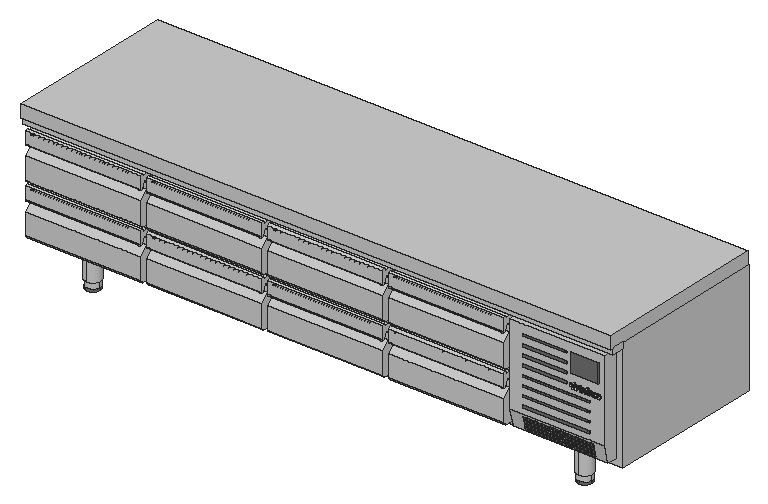
Revit family "QF_INFRICO_MSG2400_250814085953", category Specialty Equipment, Revit 2021
Family settings
  Round Connector Dimension = Use Diameter
  Part Type = Normal
  OmniClass Number = 23.40.40.14
  OmniClass Title = Food Service Equipment
  Work Plane-Based = No
  Always vertical = Yes
  Cut with Voids When Loaded = No
  Shared = No
  Room Calculation Point = No
Parameters (values of type "MSG2400-R290")
  Weight [instance] = 238.00 kg
  Waste Water Discharge Temperature [instance] = 0 °C
  Waste Remarks [instance] = ""
  Warranty Start Date [instance] = ""
  Warranty Duration [instance] = ""
  Volts [instance] = 230 V
  Volt Free Conn [instance] = no
  URL Recommended Spares List [instance] = ""
  URL Manufacturer [instance] = ""
  URL Cutsheet [instance] = ""
  URL Critical Spares List [instance] = ""
  URL = "www.infrico.com"
  Technical Documentation [instance] = ""
  Tag Number [instance] = ""
  Status [instance] = ""
  Start Up Current [instance] = 0 A
  Specification by User [instance] = ""
  Specification by Manufacturer [instance] = ""
  Sound Level [instance] = ""
  Show Logo [instance] = yes
  Show Clearances [instance] = yes
  Service Life Duration [instance] = ""
  Serial Number [instance] = ""
  Seismic Rating [instance] = ""
  SMACNA No [instance] = ""
  Revision Code [instance] = ""
  Revision [instance] = ""
  Production Year [instance] = ""
  Potential Equalisation [instance] = no
  Point Load [instance] = 0
  Plumbing Connection Type [instance] = ""
  Phase [instance] = 1
  Other Equipment Approvals [instance] = ""
  Operational Current [instance] = 0 A
  Number of Poles [instance] = 2
  No Load Power Draw [instance] = no
  NAFEM Spec ID Number [instance] = ""
  Model Warning [instance] = ""
  Model = "MSG2400"
  Min Ckt Ampacity [instance] = 0 A
  Max Overcurrent Protection [instance] = 0 A
  Masterspec [instance] = ""
  Manufacturer = "INFRICO"
  Main switch integrated [instance] = no
  Length Actual [instance] = 2400.046 mm
  Item Number [instance] = ""
  Installed By [instance] = ""
  Installation Date [instance] = ""
  Indirect Waste Size [instance] = 19.05 mm
  Indirect Waste Remarks [instance] = ""
  Indirect Waste Flow [instance] = 0.0 L/s
  Indirect Waste Connection Type [instance] = ""
  Indirect Waste Connection Height [instance] = 0 mm
  Identify Quantity as Lot [instance] = no
  ID [instance] = ""
  Hygiene Approval [instance] = ""
  Height Actual [instance] = 599.948 mm
  HP power [instance] = ""
  Furnished By [instance] = ""
  Foodservice Equipment Identifier [instance] = no
  FL Amps [instance] = 0 A
  Electrical Remarks [instance] = ""
  Electric power [instance] = 360 W
  Electric Connection Type [instance] = ""
  Elec Conn RI Height [instance] = 0 mm
  Elec Conn Connection Height [instance] = 0 mm
  ETL Approved [instance] = no
  Direct Waste Water Discharge Temperature [instance] = -273.15 °C
  Direct Waste Size [instance] = 19.05 mm
  Direct Waste RI Height [instance] = 0 mm
  Direct Waste Flow [instance] = 0.0 L/s
  Direct Waste Connection Height [instance] = 0 mm
  Description = "GN1/1 COUNTER BASES REFRIGERATOR 700 SNACK SERIES - R290"
  Depth Actual [instance] = 700.024 mm
  Default Elevation = 0 mm
  Cycle [instance] = 50 Hz
  Cost = 0
  Connection to energy optimisation system [instance] = yes
  Conn Plug [instance] = ""
  Conn Conduit [instance] = no
  Centralized building control system with digital interface [instance] = ""
  CSI MasterFormat [instance] = ""
  CE Approved [instance] = no
  Barcode [instance] = 0
  Author [instance] = ""
  Asset Identifier [instance] = ""
  Apparent Power [instance] = 360 VA
  Accessory [instance] = no
Reference planes
  plane 1 "Center (Front/Back)": y = 0
  plane 2: z = 0
  plane 3 "Center (Left/Right)": x = 0
Forms (mm)
  Extrusion 1, solid, not visible
    sketch origin (992.048, -112.005, 142.007) x (1, 0, 0) y (0, 1, 0)
      loop
        line (-2, 2) -> (-2, -2) -> (2, -2) -> (2, 2) -> (-2, 2)
    from -2 to 2
  Extrusion 2, solid, not visible
    sketch origin (2339.114, -60.003, 142.007) x (1, 0, 0) y (0, 1, 0)
      loop
        line (-2, 2) -> (-2, -2) -> (2, -2) -> (2, 2) -> (-2, 2)
    from -2 to 2
Dimensions and locks
  locked: nested 2 to Extrusion 1 at 2  (x2)
  locked: nested 3 to Extrusion 2 at 2  (x2)
  aligned and locked: level to plane 2
Nested families
  nested 1: "QF_INFRICO_MSG2400_2920" at (0, 0, 0), type "MSG2400-R290"
    with Weight 238.00 kg, Warranty Start Date "", Warranty Duration "", URL Cutsheet "", Technical Documentation "", Tag Number "", Status "", Specification by User "", Specification by Manufacturer "", Sound Level "", Solid Fuel Type "", Show Logo yes, Show Clearances yes, Show Clearance yes, Service Life Duration "", Serial Number "", Seismic Rating "", SMACNA No "", Revision Code "", Revision "", Production Year "", Point Load 0, Other Equipment Approvals "", NAFEM Spec ID Number "", Model Warning "", Masterspec "", Length Actual 2400.046 mm, Item Number "", Installed By "", Installation Date "", Identify Quantity as Lot yes, ID "", Hygiene Approval "", Height Actual 599.948 mm, Furnished By "", Foodservice Equipment Identifier yes, ETL Approved yes, Depth Actual 700.024 mm, CSI MasterFormat "", CE Approved no, Barcode "", Author "", Asset Identifier "", Accessory no
  nested 2: "CONN_POINT_DRAIN_2D___Generic_Annotation" at (992.048, -112.005, 140.007), type "CONN_POINT_DRAIN_2D___Generic_Annotation"
    with Onboard connection annotation symbol visibility yes
  nested 3: "CONN_POINT_ELE_2D___Generic_Annotation" at (2339.114, -60.003, 140.007), type "CONN_POINT_ELE_2D___Generic_Annotation"
    with Onboard connection annotation symbol visibility yes
  nested 4: "QF_INFRICO_JCAJ17MSG1-2_4838" at (22, -638, 168), type "JCAJ17SN12"
    with Weight 0.00 kg, Warranty Start Date "", Warranty Duration "", URL Cutsheet "", Technical Documentation "", Tag Number "", Status "", Specification by User "", Specification by Manufacturer "", Sound Level "", Solid Fuel Type "", Show Logo yes, Show Clearances yes, Show Clearance yes, Service Life Duration "", Serial Number "", Seismic Rating "", SMACNA No "", Revision Code "", Revision "", Production Year "", Point Load 0, Other Equipment Approvals "", NAFEM Spec ID Number "", Model Warning "", Masterspec "", Length Actual 467.106 mm, Item Number "", Installed By "", Installation Date "", Identify Quantity as Lot yes, ID "", Hygiene Approval "", Height Actual 398.018 mm, Furnished By "", Foodservice Equipment Identifier yes, ETL Approved yes, Depth Actual 59.944 mm, CSI MasterFormat "", CE Approved no, Barcode "", Author "", Asset Identifier "", Accessory yes
  nested 5: "QF_INFRICO_JCAJ17MSG1-2_5667" at (514, -638, 168), type "JCAJ17SN12"
    with Weight 0.00 kg, Warranty Start Date "", Warranty Duration "", URL Cutsheet "", Technical Documentation "", Tag Number "", Status "", Specification by User "", Specification by Manufacturer "", Sound Level "", Solid Fuel Type "", Show Logo yes, Show Clearances yes, Show Clearance yes, Service Life Duration "", Serial Number "", Seismic Rating "", SMACNA No "", Revision Code "", Revision "", Production Year "", Point Load 0, Other Equipment Approvals "", NAFEM Spec ID Number "", Model Warning "", Masterspec "", Length Actual 467.106 mm, Item Number "", Installed By "", Installation Date "", Identify Quantity as Lot yes, ID "", Hygiene Approval "", Height Actual 398.018 mm, Furnished By "", Foodservice Equipment Identifier yes, ETL Approved yes, Depth Actual 59.944 mm, CSI MasterFormat "", CE Approved no, Barcode "", Author "", Asset Identifier "", Accessory yes
  nested 6: "QF_INFRICO_JCAJ17MSG1-2_6492" at (1006, -638, 168), type "JCAJ17SN12"
    with Weight 0.00 kg, Warranty Start Date "", Warranty Duration "", URL Cutsheet "", Technical Documentation "", Tag Number "", Status "", Specification by User "", Specification by Manufacturer "", Sound Level "", Solid Fuel Type "", Show Logo yes, Show Clearances yes, Show Clearance yes, Service Life Duration "", Serial Number "", Seismic Rating "", SMACNA No "", Revision Code "", Revision "", Production Year "", Point Load 0, Other Equipment Approvals "", NAFEM Spec ID Number "", Model Warning "", Masterspec "", Length Actual 467.106 mm, Item Number "", Installed By "", Installation Date "", Identify Quantity as Lot yes, ID "", Hygiene Approval "", Height Actual 398.018 mm, Furnished By "", Foodservice Equipment Identifier yes, ETL Approved yes, Depth Actual 59.944 mm, CSI MasterFormat "", CE Approved no, Barcode "", Author "", Asset Identifier "", Accessory yes
  nested 7: "QF_INFRICO_JCAJ17MSG1-2_7317" at (1498, -638, 168), type "JCAJ17SN12"
    with Weight 0.00 kg, Warranty Start Date "", Warranty Duration "", URL Cutsheet "", Technical Documentation "", Tag Number "", Status "", Specification by User "", Specification by Manufacturer "", Sound Level "", Solid Fuel Type "", Show Logo yes, Show Clearances yes, Show Clearance yes, Service Life Duration "", Serial Number "", Seismic Rating "", SMACNA No "", Revision Code "", Revision "", Production Year "", Point Load 0, Other Equipment Approvals "", NAFEM Spec ID Number "", Model Warning "", Masterspec "", Length Actual 467.106 mm, Item Number "", Installed By "", Installation Date "", Identify Quantity as Lot yes, ID "", Hygiene Approval "", Height Actual 398.018 mm, Furnished By "", Foodservice Equipment Identifier yes, ETL Approved yes, Depth Actual 59.944 mm, CSI MasterFormat "", CE Approved no, Barcode "", Author "", Asset Identifier "", Accessory yes
  nested 8: "QF_INFRICO_WORKTOP_8142" at (0, 0, 600), type "ENC12SPMS24"
    with Weight 0.00 kg, Warranty Start Date "", Warranty Duration "", URL Cutsheet "", Technical Documentation "", Tag Number "", Status "", Specification by User "", Specification by Manufacturer "", Sound Level "", Solid Fuel Type "", Show Logo yes, Show Clearances yes, Show Clearance yes, Service Life Duration "", Serial Number "", Seismic Rating "", SMACNA No "", Revision Code "", Revision "", Production Year "", Point Load 0, Other Equipment Approvals "", NAFEM Spec ID Number "", Model Warning "", Masterspec "", Length Actual 2400.046 mm, Item Number "", Installed By "", Installation Date "", Identify Quantity as Lot yes, ID "", Hygiene Approval "", Height Actual 50.038 mm, Furnished By "", Foodservice Equipment Identifier yes, ETL Approved yes, Depth Actual 700.024 mm, CSI MasterFormat "", CE Approved no, Barcode "", Author "", Asset Identifier "", Accessory yes
Connectors
  piping at (992.048, -112.005, 140.007), diameter 19.05, driven by "Indirect Waste Size", driven by "Direct Waste Flow"
    settings: on Extrusion 1, index 1, connector inside diameter 609.6 mm, connector length 0 mm, flow factor 0, pipe flow 0.0 L/s, pressure drop 0.0 Pa, fitting loss kfactor 0, connector angle 0.00°, fixture units 0, engagement length 0 mm, angle of deflection 0.00°, flow configuration 1, flow direction 2, fitting loss method 0, system type 16, joint type 0, gender type 0, connector reference index -1, connector utility 0, adjustable connector no, is connector primary yes, connector description "Waste connection for MSG2400"
  electrical at (2339.114, -60.003, 140.007), driven by "Apparent Power", driven by "Number of Poles", driven by "Volts"
    settings: on Extrusion 2, index 2, voltage 230 V, apparent load 0 VA, apparent load phase1 360 VA, apparent load phase2 0 VA, apparent load phase3 0 VA, power factor 1, load classification "Other", number of poles 2, system type 31, power factor state 1, is connector primary yes, connector utility no, sub classification motor no, connector description "Electrical connection for MSG2400"
Definition of nested family "QF_INFRICO_MSG2400_2920"
  Parameters (values of type "MSG2400")
    Weight [instance] = 0.00 kg
    Warranty Start Date [instance] = ""
    Warranty Duration [instance] = ""
    URL Cutsheet [instance] = ""
    URL = "www.infrico.com"
    Technical Documentation [instance] = ""
    Tag Number [instance] = ""
    Status [instance] = ""
    Specification by User [instance] = ""
    Specification by Manufacturer [instance] = ""
    Sound Level [instance] = ""
    Solid Fuel Type [instance] = ""
    Show Logo [instance] = yes
    Show Clearances [instance] = yes
    Show Clearance [instance] = yes
    Service Life Duration [instance] = ""
    Serial Number [instance] = ""
    Seismic Rating [instance] = ""
    SMACNA No [instance] = ""
    Revision Code [instance] = ""
    Revision [instance] = ""
    Production Year [instance] = ""
    Point Load [instance] = 0
    Other Equipment Approvals [instance] = ""
    NAFEM Spec ID Number [instance] = ""
    Model Warning [instance] = ""
    Model = "MSG2400"
    Masterspec [instance] = ""
    Manufacturer = "INFRICO"
    Length Actual [instance] = 0 mm
    Item Number [instance] = ""
    Installed By [instance] = ""
    Installation Date [instance] = ""
    Identify Quantity as Lot [instance] = yes
    ID [instance] = ""
    Hygiene Approval [instance] = ""
    Height Actual [instance] = 0 mm
    Furnished By [instance] = ""
    Foodservice Equipment Identifier [instance] = yes
    ETL Approved [instance] = yes
    Description = "GN1/1 COUNTER BASES REFRIGERATOR 700 SNACK SERIES - R134A"
    Depth Actual [instance] = 0 mm
    Default Elevation = 0 mm
    CSI MasterFormat [instance] = ""
    CE Approved [instance] = yes
    Barcode [instance] = ""
    Author [instance] = ""
    Asset Identifier [instance] = ""
    Accessory [instance] = yes
  Types (2, lengths in mm): name | Description
    MSG2400 | "GN1/1 COUNTER BASES REFRIGERATOR 700 SNACK SERIES - R134A"
    MSG2400-R290 | "GN1/1 COUNTER BASES REFRIGERATOR 700 SNACK SERIES - R290"
  Reference planes
    plane 1 "Back": y = 0
    plane 2: z = 0
    plane 3 "Left": x = 0
    plane 4 "Right": x = 2400
    plane 5 "Front": y = -700
    plane 6 "Top": z = 600
  Forms (mm)
    Extrusion 1, void
      sketch origin (0, 0, 0) x (1, 0, 0) y (0, 0, 1)
        loop
          line (60, 200) -> (1850, 200) -> (1850, 540) -> (60, 540) -> (60, 200)
      from 60 to 638.02
    Extrusion 2, solid
      sketch origin (192, 0, 140) x (1, 0, 0) y (0, 1, 0)
        loop
          circle (800, -112) r 9.525
      from -5 to 0
    Extrusion 3, solid
      sketch origin (0, 0, 140) x (1, 0, 0) y (0, 1, 0)
        loop
          line (0, 0) -> (0, -638.02) -> (2400, -638.02) -> (2400, 0) -> (0, 0)
        loop
          line (60, -578.02) -> (2340, -578.02) -> (2340, -60) -> (60, -60) -> (60, -578.02)
      from 0 to 460
    Extrusion 4, solid
      sketch origin (0, 0, 140) x (1, 0, 0) y (0, 0, 1)
        loop
          line (2340, 60) -> (60, 60) -> (60, 0) -> (2340, 0) -> (2340, 60)
      from 60 to 578.02
    Extrusion 5, solid
      sketch origin (-29, 0, 140) x (1, 0, 0) y (0, 1, 0)
        loop
          line (454, -638.02) -> (549, -638.02) -> (549, -628.02) -> (454, -628.02) -> (454, -638.02)
      from 60 to 400
    Extrusion 6, solid
      sketch origin (463, 0, 140) x (1, 0, 0) y (0, 1, 0)
        loop
          line (454, -638.02) -> (549, -638.02) -> (549, -628.02) -> (454, -628.02) -> (454, -638.02)
      from 60 to 400
    Extrusion 7, solid
      sketch origin (939.247, 0, 0) x (0, 1, 0) y (0, 0, 1)
        loop
          line (-638.02, 564.738) -> (-695.03, 564.738) -> (-695.03, 238.436) -> (-678.399, 166.4) -> (-638.02, 166.4) -> (-638.02, 564.738)
      from 1048.993 to 1433.993
    Extrusion 8, solid
      sketch origin (-1071.417, -693.13, 0) x (1, 0, 0) y (0, 0, 1)
        loop
          line (3382.657, 269.602) -> (3112.657, 269.602) -> (3112.657, 260.602) -> (3382.657, 260.602) -> (3382.657, 269.602)
        loop
          line (3382.657, 306.602) -> (3112.657, 306.602) -> (3112.657, 297.602) -> (3382.657, 297.602) -> (3382.657, 306.602)
        loop
          line (3382.657, 343.602) -> (3112.657, 343.602) -> (3112.657, 334.602) -> (3382.657, 334.602) -> (3382.657, 343.602)
        loop
          line (3382.657, 380.602) -> (3112.657, 380.602) -> (3112.657, 371.602) -> (3382.657, 371.602) -> (3382.657, 380.602)
        loop
          line (3288.057, 417.602) -> (3112.657, 417.602) -> (3112.657, 408.602) -> (3288.057, 408.602) -> (3288.057, 417.602)
        loop
          line (3288.057, 454.602) -> (3112.657, 454.602) -> (3112.657, 445.602) -> (3288.057, 445.602) -> (3288.057, 454.602)
        loop
          line (3288.057, 491.602) -> (3112.657, 491.602) -> (3112.657, 482.602) -> (3288.057, 482.602) -> (3288.057, 491.602)
        loop
          line (3288.057, 528.602) -> (3112.657, 528.602) -> (3112.657, 519.602) -> (3288.057, 519.602) -> (3288.057, 528.602)
      from 0 to 2
    Extrusion 9, solid
      sketch origin (-1091.654, -638.191, 0.498) x (1, 0, 0) y (0, -0.224951, 0.97437)
        loop
          line (3130.394, 215.974) -> (3130.394, 205.974) -> (3140.394, 205.974) -> (3140.394, 215.974) -> (3130.394, 215.974)
        loop
          line (3130.394, 230.769) -> (3130.394, 220.769) -> (3140.394, 220.769) -> (3140.394, 230.769) -> (3130.394, 230.769)
        loop
          line (3130.394, 186.385) -> (3130.394, 176.385) -> (3140.394, 176.385) -> (3140.394, 186.385) -> (3130.394, 186.385)
        loop
          line (3130.394, 201.179) -> (3130.394, 191.179) -> (3140.394, 191.179) -> (3140.394, 201.179) -> (3130.394, 201.179)
        loop
          line (3145.603, 215.974) -> (3145.603, 205.974) -> (3155.603, 205.974) -> (3155.603, 215.974) -> (3145.603, 215.974)
        loop
          line (3145.603, 230.769) -> (3145.603, 220.769) -> (3155.603, 220.769) -> (3155.603, 230.769) -> (3145.603, 230.769)
        loop
          line (3145.603, 186.385) -> (3145.603, 176.385) -> (3155.603, 176.385) -> (3155.603, 186.385) -> (3145.603, 186.385)
        loop
          line (3145.603, 201.179) -> (3145.603, 191.179) -> (3155.603, 191.179) -> (3155.603, 201.179) -> (3145.603, 201.179)
        loop
          line (3160.811, 215.974) -> (3160.811, 205.974) -> (3170.811, 205.974) -> (3170.811, 215.974) -> (3160.811, 215.974)
        loop
          line (3160.811, 230.769) -> (3160.811, 220.769) -> (3170.811, 220.769) -> (3170.811, 230.769) -> (3160.811, 230.769)
        loop
          line (3160.811, 186.385) -> (3160.811, 176.385) -> (3170.811, 176.385) -> (3170.811, 186.385) -> (3160.811, 186.385)
        loop
          line (3160.811, 201.179) -> (3160.811, 191.179) -> (3170.811, 191.179) -> (3170.811, 201.179) -> (3160.811, 201.179)
        loop
          line (3176.019, 215.974) -> (3176.019, 205.974) -> (3186.019, 205.974) -> (3186.019, 215.974) -> (3176.019, 215.974)
        loop
          line (3176.019, 230.769) -> (3176.019, 220.769) -> (3186.019, 220.769) -> (3186.019, 230.769) -> (3176.019, 230.769)
        loop
          line (3176.019, 186.385) -> (3176.019, 176.385) -> (3186.019, 176.385) -> (3186.019, 186.385) -> (3176.019, 186.385)
        loop
          line (3176.019, 201.179) -> (3176.019, 191.179) -> (3186.019, 191.179) -> (3186.019, 201.179) -> (3176.019, 201.179)
        loop
          line (3191.228, 215.974) -> (3191.228, 205.974) -> (3201.228, 205.974) -> (3201.228, 215.974) -> (3191.228, 215.974)
        loop
          line (3191.228, 230.769) -> (3191.228, 220.769) -> (3201.228, 220.769) -> (3201.228, 230.769) -> (3191.228, 230.769)
        loop
          line (3191.228, 186.385) -> (3191.228, 176.385) -> (3201.228, 176.385) -> (3201.228, 186.385) -> (3191.228, 186.385)
        loop
          line (3191.228, 201.179) -> (3191.228, 191.179) -> (3201.228, 191.179) -> (3201.228, 201.179) -> (3191.228, 201.179)
        loop
          line (3206.436, 215.974) -> (3206.436, 205.974) -> (3216.436, 205.974) -> (3216.436, 215.974) -> (3206.436, 215.974)
        loop
          line (3206.436, 230.769) -> (3206.436, 220.769) -> (3216.436, 220.769) -> (3216.436, 230.769) -> (3206.436, 230.769)
        loop
          line (3206.436, 186.385) -> (3206.436, 176.385) -> (3216.436, 176.385) -> (3216.436, 186.385) -> (3206.436, 186.385)
        loop
          line (3206.436, 201.179) -> (3206.436, 191.179) -> (3216.436, 191.179) -> (3216.436, 201.179) -> (3206.436, 201.179)
        loop
          line (3221.644, 215.974) -> (3221.644, 205.974) -> (3231.644, 205.974) -> (3231.644, 215.974) -> (3221.644, 215.974)
        loop
          line (3221.644, 230.769) -> (3221.644, 220.769) -> (3231.644, 220.769) -> (3231.644, 230.769) -> (3221.644, 230.769)
        loop
          line (3221.644, 186.385) -> (3221.644, 176.385) -> (3231.644, 176.385) -> (3231.644, 186.385) -> (3221.644, 186.385)
        loop
          line (3221.644, 201.179) -> (3221.644, 191.179) -> (3231.644, 191.179) -> (3231.644, 201.179) -> (3221.644, 201.179)
        loop
          line (3236.853, 215.974) -> (3236.853, 205.974) -> (3246.853, 205.974) -> (3246.853, 215.974) -> (3236.853, 215.974)
        loop
          line (3236.853, 230.769) -> (3236.853, 220.769) -> (3246.853, 220.769) -> (3246.853, 230.769) -> (3236.853, 230.769)
        loop
          line (3236.853, 186.385) -> (3236.853, 176.385) -> (3246.853, 176.385) -> (3246.853, 186.385) -> (3236.853, 186.385)
        loop
          line (3236.853, 201.179) -> (3236.853, 191.179) -> (3246.853, 191.179) -> (3246.853, 201.179) -> (3236.853, 201.179)
        loop
          line (3252.061, 215.974) -> (3252.061, 205.974) -> (3262.061, 205.974) -> (3262.061, 215.974) -> (3252.061, 215.974)
        loop
          line (3252.061, 230.769) -> (3252.061, 220.769) -> (3262.061, 220.769) -> (3262.061, 230.769) -> (3252.061, 230.769)
        loop
          line (3252.061, 186.385) -> (3252.061, 176.385) -> (3262.061, 176.385) -> (3262.061, 186.385) -> (3252.061, 186.385)
        loop
          line (3252.061, 201.179) -> (3252.061, 191.179) -> (3262.061, 191.179) -> (3262.061, 201.179) -> (3252.061, 201.179)
        loop
          line (3267.269, 215.974) -> (3267.269, 205.974) -> (3277.269, 205.974) -> (3277.269, 215.974) -> (3267.269, 215.974)
        loop
          line (3267.269, 230.769) -> (3267.269, 220.769) -> (3277.269, 220.769) -> (3277.269, 230.769) -> (3267.269, 230.769)
        loop
          line (3267.269, 186.385) -> (3267.269, 176.385) -> (3277.269, 176.385) -> (3277.269, 186.385) -> (3267.269, 186.385)
        loop
          line (3267.269, 201.179) -> (3267.269, 191.179) -> (3277.269, 191.179) -> (3277.269, 201.179) -> (3267.269, 201.179)
        loop
          line (3282.478, 215.974) -> (3282.478, 205.974) -> (3292.478, 205.974) -> (3292.478, 215.974) -> (3282.478, 215.974)
        loop
          line (3282.478, 230.769) -> (3282.478, 220.769) -> (3292.478, 220.769) -> (3292.478, 230.769) -> (3282.478, 230.769)
        loop
          line (3282.478, 186.385) -> (3282.478, 176.385) -> (3292.478, 176.385) -> (3292.478, 186.385) -> (3282.478, 186.385)
        loop
          line (3282.478, 201.179) -> (3282.478, 191.179) -> (3292.478, 191.179) -> (3292.478, 201.179) -> (3282.478, 201.179)
        loop
          line (3297.686, 215.974) -> (3297.686, 205.974) -> (3307.686, 205.974) -> (3307.686, 215.974) -> (3297.686, 215.974)
        loop
          line (3297.686, 230.769) -> (3297.686, 220.769) -> (3307.686, 220.769) -> (3307.686, 230.769) -> (3297.686, 230.769)
        loop
          line (3297.686, 186.385) -> (3297.686, 176.385) -> (3307.686, 176.385) -> (3307.686, 186.385) -> (3297.686, 186.385)
        loop
          line (3297.686, 201.179) -> (3297.686, 191.179) -> (3307.686, 191.179) -> (3307.686, 201.179) -> (3297.686, 201.179)
        loop
          line (3312.894, 215.974) -> (3312.894, 205.974) -> (3322.894, 205.974) -> (3322.894, 215.974) -> (3312.894, 215.974)
        loop
          line (3312.894, 230.769) -> (3312.894, 220.769) -> (3322.894, 220.769) -> (3322.894, 230.769) -> (3312.894, 230.769)
        loop
          line (3312.894, 186.385) -> (3312.894, 176.385) -> (3322.894, 176.385) -> (3322.894, 186.385) -> (3312.894, 186.385)
        loop
          line (3312.894, 201.179) -> (3312.894, 191.179) -> (3322.894, 191.179) -> (3322.894, 201.179) -> (3312.894, 201.179)
        loop
          line (3328.103, 215.974) -> (3328.103, 205.974) -> (3338.103, 205.974) -> (3338.103, 215.974) -> (3328.103, 215.974)
        loop
          line (3328.103, 230.769) -> (3328.103, 220.769) -> (3338.103, 220.769) -> (3338.103, 230.769) -> (3328.103, 230.769)
        loop
          line (3328.103, 186.385) -> (3328.103, 176.385) -> (3338.103, 176.385) -> (3338.103, 186.385) -> (3328.103, 186.385)
        loop
          line (3328.103, 201.179) -> (3328.103, 191.179) -> (3338.103, 191.179) -> (3338.103, 201.179) -> (3328.103, 201.179)
        loop
          line (3343.311, 215.974) -> (3343.311, 205.974) -> (3353.311, 205.974) -> (3353.311, 215.974) -> (3343.311, 215.974)
        loop
          line (3343.311, 230.769) -> (3343.311, 220.769) -> (3353.311, 220.769) -> (3353.311, 230.769) -> (3343.311, 230.769)
        loop
          line (3343.311, 186.385) -> (3343.311, 176.385) -> (3353.311, 176.385) -> (3353.311, 186.385) -> (3343.311, 186.385)
        loop
          line (3343.311, 201.179) -> (3343.311, 191.179) -> (3353.311, 191.179) -> (3353.311, 201.179) -> (3343.311, 201.179)
        loop
          line (3358.519, 215.974) -> (3358.519, 205.974) -> (3368.519, 205.974) -> (3368.519, 215.974) -> (3358.519, 215.974)
        loop
          line (3358.519, 230.769) -> (3358.519, 220.769) -> (3368.519, 220.769) -> (3368.519, 230.769) -> (3358.519, 230.769)
        loop
          line (3358.519, 186.385) -> (3358.519, 176.385) -> (3368.519, 176.385) -> (3368.519, 186.385) -> (3358.519, 186.385)
        loop
          line (3358.519, 201.179) -> (3358.519, 191.179) -> (3368.519, 191.179) -> (3368.519, 201.179) -> (3358.519, 201.179)
        loop
          line (3373.728, 215.974) -> (3373.728, 205.974) -> (3383.728, 205.974) -> (3383.728, 215.974) -> (3373.728, 215.974)
        loop
          line (3373.728, 230.769) -> (3373.728, 220.769) -> (3383.728, 220.769) -> (3383.728, 230.769) -> (3373.728, 230.769)
        loop
          line (3373.728, 186.385) -> (3373.728, 176.385) -> (3383.728, 176.385) -> (3383.728, 186.385) -> (3373.728, 186.385)
        loop
          line (3373.728, 201.179) -> (3373.728, 191.179) -> (3383.728, 191.179) -> (3383.728, 201.179) -> (3373.728, 201.179)
        loop
          line (3388.936, 215.974) -> (3388.936, 205.974) -> (3398.936, 205.974) -> (3398.936, 215.974) -> (3388.936, 215.974)
        loop
          line (3388.936, 230.769) -> (3388.936, 220.769) -> (3398.936, 220.769) -> (3398.936, 230.769) -> (3388.936, 230.769)
        loop
          line (3388.936, 186.385) -> (3388.936, 176.385) -> (3398.936, 176.385) -> (3398.936, 186.385) -> (3388.936, 186.385)
        loop
          line (3388.936, 201.179) -> (3388.936, 191.179) -> (3398.936, 191.179) -> (3398.936, 201.179) -> (3388.936, 201.179)
        loop
          line (3404.144, 215.974) -> (3404.144, 205.974) -> (3414.144, 205.974) -> (3414.144, 215.974) -> (3404.144, 215.974)
        loop
          line (3404.144, 230.769) -> (3404.144, 220.769) -> (3414.144, 220.769) -> (3414.144, 230.769) -> (3404.144, 230.769)
        loop
          line (3404.144, 186.385) -> (3404.144, 176.385) -> (3414.144, 176.385) -> (3414.144, 186.385) -> (3404.144, 186.385)
        loop
          line (3404.144, 201.179) -> (3404.144, 191.179) -> (3414.144, 191.179) -> (3414.144, 201.179) -> (3404.144, 201.179)
      from 0 to 2
    Extrusion 10, solid, visible <- "Show Logo"
      sketch origin (1067.934, -693.13, -297.58) x (1, 0, 0) y (0, 0, 1)
        loop
          line (1208.799, 696.53) -> (1208.799, 719.204) -> (1204.173, 719.204) -> (1204.173, 696.53) -> (1208.799, 696.53)
        loop
          line (1214.779, 713.006) -> (1211.283, 713.006) -> (1211.283, 696.53) -> (1215.772, 696.53) -> (1215.772, 707.832)
          arc (1215.772, 707.832) -> (1217.528, 708.741) -> (1219.417, 709.324) r 11.052
          arc (1219.417, 709.324) -> (1220.929, 708.961) -> (1221.598, 707.557) r 1.806
          line (1221.598, 707.557) -> (1221.598, 696.53) -> (1226.121, 696.53) -> (1226.121, 708.689)
          arc (1226.121, 708.689) -> (1224.637, 712.075) -> (1221.141, 713.281) r 4.607
          arc (1221.141, 713.281) -> (1218.282, 712.674) -> (1215.669, 711.361) r 11.435
          line (1215.669, 711.361) -> (1215.601, 712.184)
          arc (1215.601, 712.184) -> (1215.36, 712.765) -> (1214.779, 713.006) r 0.822
        loop
          line (1238.557, 720.102) -> (1237.306, 720.102)
          arc (1237.306, 720.102) -> (1235.052, 719.926) -> (1232.881, 719.297) r 11.103
          arc (1232.881, 719.297) -> (1230.805, 717.616) -> (1230.024, 715.062) r 4.567
          line (1230.024, 715.062) -> (1230.024, 712.909) -> (1227.351, 712.703) -> (1227.351, 709.374) -> (1230.024, 709.374) -> (1230.024, 696.53) -> (1234.547, 696.53) -> (1234.547, 709.374) -> (1238.249, 709.374) -> (1238.249, 712.938) -> (1234.547, 712.938) -> (1234.547, 714.548)
          arc (1234.547, 714.548) -> (1234.956, 715.705) -> (1236.045, 716.271) r 1.67
          line (1236.045, 716.271) -> (1237.7, 716.399)
          arc (1237.7, 716.399) -> (1238.306, 716.65) -> (1238.557, 717.255) r 0.857
          line (1238.557, 717.255) -> (1238.557, 720.102)
        loop
          line (1239.479, 713.006) -> (1239.479, 696.53) -> (1243.968, 696.53) -> (1243.968, 707.352)
          arc (1243.968, 707.352) -> (1245.873, 708.631) -> (1248.077, 709.268) r 7.435
          line (1248.077, 709.268) -> (1249.241, 709.416)
          arc (1249.241, 709.416) -> (1249.643, 709.758) -> (1249.793, 710.265) r 0.928
          line (1249.793, 710.265) -> (1249.793, 712.458)
          arc (1249.793, 712.458) -> (1249.531, 713.061) -> (1248.912, 713.28) r 0.824
          arc (1248.912, 713.28) -> (1246.197, 712.588) -> (1243.899, 710.984) r 7.833
          line (1243.899, 710.984) -> (1243.726, 713.006) -> (1239.479, 713.006)
        loop
          line (1255.495, 696.53) -> (1255.495, 713.006) -> (1251.006, 713.006) -> (1251.006, 696.53) -> (1255.495, 696.53)
        loop
          arc (1257.421, 701.327) -> (1258.567, 698.188) -> (1261.466, 696.525) r 4.873
          arc (1261.466, 696.525) -> (1264.493, 696.266) -> (1267.521, 696.525) r 17.816
          arc (1267.521, 696.525) -> (1270.575, 699.134) -> (1271.505, 703.041) r 6.481
          line (1271.505, 703.041) -> (1267.187, 703.041) -> (1267.187, 701.67)
          arc (1267.187, 701.67) -> (1266.64, 700.452) -> (1265.442, 699.865) r 1.965
          arc (1265.442, 699.865) -> (1264.547, 699.816) -> (1263.653, 699.865) r 8.196
          arc (1263.653, 699.865) -> (1262.417, 700.415) -> (1261.91, 701.67) r 1.806
          line (1261.91, 701.67) -> (1261.91, 707.9)
          arc (1261.91, 707.9) -> (1262.417, 709.155) -> (1263.653, 709.705) r 1.806
          arc (1263.653, 709.705) -> (1264.547, 709.754) -> (1265.442, 709.705) r 8.196
          arc (1265.442, 709.705) -> (1266.64, 709.118) -> (1267.187, 707.9) r 1.965
          line (1267.187, 707.9) -> (1267.187, 706.838) -> (1271.505, 706.838)
          arc (1271.505, 706.838) -> (1270.524, 710.556) -> (1267.521, 712.959) r 6.132
          arc (1267.521, 712.959) -> (1264.493, 713.294) -> (1261.466, 712.959) r 13.851
          arc (1261.466, 712.959) -> (1258.571, 711.349) -> (1257.421, 708.243) r 4.772
          line (1257.421, 708.243) -> (1257.421, 701.327)
        loop
          arc (1272.916, 701.329) -> (1273.993, 698.345) -> (1276.726, 696.734) r 4.676
          arc (1276.726, 696.734) -> (1278.515, 696.455) -> (1280.318, 696.291) r 28.371
          arc (1280.318, 696.291) -> (1282.122, 696.455) -> (1283.911, 696.734) r 28.371
          arc (1283.911, 696.734) -> (1286.644, 698.345) -> (1287.72, 701.329) r 4.676
          line (1287.72, 701.329) -> (1287.72, 708.242)
          arc (1287.72, 708.242) -> (1286.644, 711.226) -> (1283.911, 712.837) r 4.676
          arc (1283.911, 712.837) -> (1282.122, 713.116) -> (1280.318, 713.28) r 28.371
          arc (1280.318, 713.28) -> (1278.515, 713.116) -> (1276.726, 712.837) r 28.371
          arc (1276.726, 712.837) -> (1273.993, 711.226) -> (1272.916, 708.242) r 4.676
          line (1272.916, 708.242) -> (1272.916, 701.329)
        loop
          line (1277.405, 707.866) -> (1277.405, 701.705)
          arc (1277.405, 701.705) -> (1277.844, 700.556) -> (1278.936, 699.991) r 1.725
          arc (1278.936, 699.991) -> (1279.627, 699.918) -> (1280.318, 699.856) r 46.133
          arc (1280.318, 699.856) -> (1281.01, 699.918) -> (1281.701, 699.991) r 46.133
          arc (1281.701, 699.991) -> (1282.793, 700.556) -> (1283.231, 701.705) r 1.725
          line (1283.231, 701.705) -> (1283.231, 707.866)
          arc (1283.231, 707.866) -> (1282.793, 709.015) -> (1281.701, 709.58) r 1.725
          arc (1281.701, 709.58) -> (1281.01, 709.653) -> (1280.318, 709.716) r 46.133
          arc (1280.318, 709.716) -> (1279.627, 709.653) -> (1278.936, 709.58) r 46.133
          arc (1278.936, 709.58) -> (1277.844, 709.015) -> (1277.405, 707.866) r 1.725
        loop
          arc (1190.339, 696.543) -> (1191.411, 696.987) -> (1191.856, 698.059) r 1.516
          line (1191.856, 698.059) -> (1191.856, 703.891) -> (1196.035, 703.891)
          arc (1196.035, 703.891) -> (1196.79, 704.121) -> (1197.218, 704.782) r 1.147
          line (1197.218, 704.782) -> (1197.218, 706.211)
          arc (1197.218, 706.211) -> (1196.787, 707.258) -> (1195.719, 707.634) r 1.385
          line (1195.719, 707.634) -> (1194.52, 707.634) -> (1197.218, 710.332)
          arc (1197.218, 710.332) -> (1197.605, 711.266) -> (1197.218, 712.2) r 1.321
          line (1197.218, 712.2) -> (1196.495, 712.923)
          arc (1196.495, 712.923) -> (1195.54, 713.338) -> (1194.558, 712.991) r 1.422
          line (1194.558, 712.991) -> (1191.853, 710.286) -> (1191.853, 711.479)
          arc (1191.853, 711.479) -> (1191.443, 712.516) -> (1190.435, 712.992) r 1.516
          line (1190.435, 712.992) -> (1189.514, 712.992)
          arc (1189.514, 712.992) -> (1188.511, 712.514) -> (1188.103, 711.479) r 1.516
          line (1188.103, 711.479) -> (1188.103, 706.83) -> (1182.073, 701.336) -> (1182.073, 707.509) -> (1185.639, 711.075)
          arc (1185.639, 711.075) -> (1186.053, 712.073) -> (1185.639, 713.071) r 1.412
          line (1185.639, 713.071) -> (1184.987, 713.723)
          arc (1184.987, 713.723) -> (1183.939, 714.141) -> (1182.915, 713.667) r 1.428
          line (1182.915, 713.667) -> (1182.073, 712.825) -> (1182.073, 717.784)
          arc (1182.073, 717.784) -> (1181.658, 718.787) -> (1180.655, 719.203) r 1.418
          line (1180.655, 719.203) -> (1179.726, 719.203)
          arc (1179.726, 719.203) -> (1178.723, 718.787) -> (1178.308, 717.784) r 1.418
          line (1178.308, 717.784) -> (1178.308, 712.825) -> (1177.466, 713.667)
          arc (1177.466, 713.667) -> (1176.442, 714.141) -> (1175.394, 713.723) r 1.428
          line (1175.394, 713.723) -> (1174.742, 713.071)
          arc (1174.742, 713.071) -> (1174.328, 712.073) -> (1174.742, 711.075) r 1.412
          line (1174.742, 711.075) -> (1178.308, 707.509) -> (1178.308, 701.336) -> (1172.278, 706.83) -> (1172.278, 711.479)
          arc (1172.278, 711.479) -> (1171.87, 712.514) -> (1170.867, 712.992) r 1.516
          line (1170.867, 712.992) -> (1169.946, 712.992)
          arc (1169.946, 712.992) -> (1168.938, 712.516) -> (1168.528, 711.479) r 1.516
          line (1168.528, 711.479) -> (1168.528, 710.286) -> (1165.823, 712.991)
          arc (1165.823, 712.991) -> (1164.841, 713.338) -> (1163.886, 712.923) r 1.422
          line (1163.886, 712.923) -> (1163.163, 712.2)
          arc (1163.163, 712.2) -> (1162.776, 711.266) -> (1163.163, 710.332) r 1.321
          line (1163.163, 710.332) -> (1165.861, 707.634) -> (1164.662, 707.634)
          arc (1164.662, 707.634) -> (1163.594, 707.258) -> (1163.163, 706.211) r 1.385
          line (1163.163, 706.211) -> (1163.163, 704.782)
          arc (1163.163, 704.782) -> (1163.591, 704.121) -> (1164.346, 703.891) r 1.147
          line (1164.346, 703.891) -> (1168.525, 703.891) -> (1168.525, 698.059)
          arc (1168.525, 698.059) -> (1168.969, 696.987) -> (1170.042, 696.543) r 1.516
          line (1170.042, 696.543) -> (1190.339, 696.543)
      from 0 to 2
    Extrusion 11, solid
      sketch origin (1067.024, 0, -122.7) x (1, 0, 0) y (0, 0, 1)
        loop
          line (1169.616, 654.3) -> (1169.616, 577.9) -> (1281.216, 577.9) -> (1281.216, 654.3) -> (1169.616, 654.3)
      from 695.03 to 698.23
    Extrusion 12, solid
      sketch origin (1600, 112, 140) x (1, 0, 0) y (0, 1, 0)
        loop
          circle (739, -172) r 12.7
      from -5 to 0
    Extrusion 13, solid
      sketch origin (0, 0, 140) x (0, 1, 0) y (0, 0, 1)
        loop
          line (-638.02, 460) -> (-688.02, 460) -> (-688.02, 435) -> (-638.02, 435) -> (-638.02, 460)
      from 0 to 2400
    Extrusion 14, solid
      sketch origin (0.014, 0, 140) x (0, 1, 0) y (-1, 0, 0)
        loop
          line (-530, -154.986) -> (-630, -154.986) -> (-630, -244.986) -> (-530, -244.986) -> (-530, -154.986)
      from 0 to -3
    Extrusion 15, solid
      sketch origin (0.014, 0, 0) x (1, 0, 0) y (0, 1, 0)
        loop
          circle (199.986, -580) r 28
      from 9 to 35
    Extrusion 16, solid
      sketch origin (0.014, 0, 0) x (1, 0, 0) y (0, 1, 0)
        loop
          circle (199.986, -580) r 28.5
      from 0 to 9
    Sweep 17, solid
      path origin (0.014, 0, 0) x (0, 1, 0) y (0, 0, 1)
        loop
          line (-580, 35) -> (-580, 137)
      profile origin (0.014, -580, 86) x (0, -1, 0) y (1, 0, 0)
        loop
          circle (0, 199.986) r 32
    Extrusion 18, solid
      sketch origin (0.014, 500, 140) x (0, 1, 0) y (-1, 0, 0)
        loop
          line (-530, -154.986) -> (-630, -154.986) -> (-630, -244.986) -> (-530, -244.986) -> (-530, -154.986)
      from 0 to -3
    Extrusion 19, solid
      sketch origin (0.014, 500, 0) x (1, 0, 0) y (0, 1, 0)
        loop
          circle (199.986, -580) r 28
      from 9 to 35
    Extrusion 20, solid
      sketch origin (0.014, 500, 0) x (1, 0, 0) y (0, 1, 0)
        loop
          circle (199.986, -580) r 28.5
      from 0 to 9
    Sweep 21, solid
      path origin (0.014, 500, 0) x (0, 1, 0) y (0, 0, 1)
        loop
          line (-580, 35) -> (-580, 137)
      profile origin (0.014, -80, 86) x (0, -1, 0) y (1, 0, 0)
        loop
          circle (0, 199.986) r 32
    Extrusion 22, solid
      sketch origin (1960.014, 0, 140) x (0, 1, 0) y (-1, 0, 0)
        loop
          line (-530, -194.986) -> (-630, -194.986) -> (-630, -284.986) -> (-530, -284.986) -> (-530, -194.986)
      from 0 to -3
    Extrusion 23, solid
      sketch origin (1960.014, 0, 0) x (1, 0, 0) y (0, 1, 0)
        loop
          circle (239.986, -580) r 28
      from 9 to 35
    Extrusion 24, solid
      sketch origin (1960.014, 0, 0) x (1, 0, 0) y (0, 1, 0)
        loop
          circle (239.986, -580) r 28.5
      from 0 to 9
    Sweep 25, solid
      path origin (2400.014, 0, 0) x (0, -1, 0) y (0, 0, 1)
        loop
          line (580, 35) -> (580, 137)
      profile origin (2400.014, -580, 86) x (0, 1, 0) y (-1, 0, 0)
        loop
          circle (0, 199.986) r 32
    Extrusion 26, solid
      sketch origin (1960.014, 500, 140) x (0, 1, 0) y (-1, 0, 0)
        loop
          line (-530, -194.986) -> (-630, -194.986) -> (-630, -284.986) -> (-530, -284.986) -> (-530, -194.986)
      from 0 to -3
    Extrusion 27, solid
      sketch origin (1960.014, 500, 0) x (1, 0, 0) y (0, 1, 0)
        loop
          circle (239.986, -580) r 28
      from 9 to 35
    Extrusion 28, solid
      sketch origin (1960.014, 500, 0) x (1, 0, 0) y (0, 1, 0)
        loop
          circle (239.986, -580) r 28.5
      from 0 to 9
    Sweep 29, solid
      path origin (2400.014, 0, 0) x (0, -1, 0) y (0, 0, 1)
        loop
          line (80, 35) -> (80, 137)
      profile origin (2400.014, -80, 86) x (0, 1, 0) y (-1, 0, 0)
        loop
          circle (0, 199.986) r 32
    Extrusion 30, solid
      sketch origin (955, 0, 140) x (1, 0, 0) y (0, 1, 0)
        loop
          line (454, -638.02) -> (549, -638.02) -> (549, -628.02) -> (454, -628.02) -> (454, -638.02)
      from 60 to 400
  Cuts and joins
    Extrusion 1 cuts Extrusion 3
    joined: Extrusion 3, Extrusion 4
  Lines and regions (mm)
    symbolic lines
      curve 1: line (0, -700, 0) -> (2400, -700, 0)
      curve 2: line (0, 0, 0) -> (0, -700, 0)
      curve 3: line (2400, 0, 0) -> (0, 0, 0)
      curve 4: line (2400, -700, 0) -> (2400, 0, 0)
  Dimensions and locks
    plane 4 "Right" to plane 3 "Left" = 2400 mm
    plane 6 "Top" to level = 600 mm
    plane 1 "Back" to plane 5 "Front" = 700 mm
    plane 3 "Left" to plane 4 "Right" = 2400 mm
    aligned and locked: level to plane 2
  Connectors
    piping at (992, -112, 135), diameter 19.1
      settings: on Extrusion 2, index 1, connector inside diameter 609.6 mm, connector length 0 mm, flow factor 0, pipe flow 0.0 L/s, pressure drop 0.0 Pa, fitting loss kfactor 0, connector angle 0.00°, fixture units 0, engagement length 0 mm, angle of deflection 0.00°, flow configuration 0, flow direction 2, fitting loss method 0, system type 16, joint type 0, gender type 0, connector reference index -1, connector utility 0, adjustable connector no, is connector primary yes, connector description "Drain connection"
    electrical at (2339, -60, 135)
      settings: on Extrusion 12, index 2, voltage 0 V, apparent load 0 VA, apparent load phase1 0 VA, apparent load phase2 0 VA, apparent load phase3 0 VA, power factor 1, load classification none, number of poles 1, system type 31, power factor state 1, is connector primary yes, connector utility no, sub classification motor no, connector description "Electrical connection"
Definition of nested family "QF_INFRICO_JCAJ17MSG1-2_4838"
  Parameters (values of type "JCAJ17SN12")
    Weight [instance] = 0.00 kg
    Warranty Start Date [instance] = ""
    Warranty Duration [instance] = ""
    URL Cutsheet [instance] = ""
    URL = "www.infrico.com"
    Technical Documentation [instance] = ""
    Tag Number [instance] = ""
    Status [instance] = ""
    Specification by User [instance] = ""
    Specification by Manufacturer [instance] = ""
    Sound Level [instance] = ""
    Solid Fuel Type [instance] = ""
    Show Logo [instance] = yes
    Show Clearances [instance] = yes
    Show Clearance [instance] = yes
    Service Life Duration [instance] = ""
    Serial Number [instance] = ""
    Seismic Rating [instance] = ""
    SMACNA No [instance] = ""
    Revision Code [instance] = ""
    Revision [instance] = ""
    Production Year [instance] = ""
    Point Load [instance] = 0
    Other Equipment Approvals [instance] = ""
    NAFEM Spec ID Number [instance] = ""
    Model Warning [instance] = ""
    Model = "JCAJ17SN12"
    Masterspec [instance] = ""
    Manufacturer = "INFRICO"
    Length Actual [instance] = 0 mm
    Item Number [instance] = ""
    Installed By [instance] = ""
    Installation Date [instance] = ""
    Identify Quantity as Lot [instance] = yes
    ID [instance] = ""
    Hygiene Approval [instance] = ""
    Height Actual [instance] = 0 mm
    Furnished By [instance] = ""
    Foodservice Equipment Identifier [instance] = yes
    ETL Approved [instance] = yes
    Description = "DRAWERS 1/2"
    Depth Actual [instance] = 0 mm
    Default Elevation = 0 mm
    CSI MasterFormat [instance] = ""
    CE Approved [instance] = yes
    Barcode [instance] = ""
    Author [instance] = ""
    Asset Identifier [instance] = ""
    Assembly Code = "E1090320"
    Accessory [instance] = yes
  Reference planes
    plane 1 "Back": y = 0
    plane 2: z = 0
    plane 3 "Left": x = 0
    plane 4 "Right": x = 467
    plane 5 "Front": y = -487.01
    plane 6 "Top": z = 398.04
  Forms (mm)
    Extrusion 1, solid, visible <- "Show Clearance", detail levels coarse
      sketch origin (0, -23.01, -522.52) x (0, 1, 0) y (0, 0, 1)
        loop
          line (-38.2, 522.52) -> (-38.2, 718.567) -> (-464, 718.567) -> (-464, 522.52) -> (-38.2, 522.52)
      from 0 to 467
    Extrusion 2, solid
      sketch origin (0, 142.338, -423.681) x (0, 1, 0) y (0, 0, 1)
        loop
          line (-159.338, 423.681) -> (-159.338, 619.729) -> (-170.338, 619.729) -> (-170.338, 612.415) -> (-188.747, 607.482) -> (-195.817, 619.729) -> (-203.548, 615.265) -> (-203.548, 563.266)
          arc (-203.548, 563.266) -> (-202.267, 561.699) -> (-200.476, 562.641) r 1.6
          line (-200.476, 562.641) -> (-190.041, 587.224)
          arc (-190.041, 587.224) -> (-189.333, 588.09) -> (-188.27, 588.441) r 2
          line (-188.27, 588.441) -> (-178.392, 588.786)
          arc (-178.392, 588.786) -> (-177.14, 588.4) -> (-176.395, 587.322) r 2
          line (-176.395, 587.322) -> (-173.478, 576.804) -> (-173.478, 553.051) -> (-203.548, 522.981) -> (-203.548, 433.681) -> (-193.548, 423.681) -> (-159.338, 423.681)
      from 0 to 467
    Extrusion 3, solid
      sketch origin (547, 0, -15) x (-1, 0, 0) y (0, 0, -1)
        loop
          line (542, -206.047) -> (542, -20) -> (85, -20) -> (85, -206.047) -> (542, -206.047)
        loop
          line (115, -176.047) -> (512, -176.047) -> (512, -50) -> (115, -50) -> (115, -176.047)
      from 0 to 17
    Extrusion 4, solid
      sketch origin (0, 142.338, -221.634) x (0, 1, 0) y (0, 0, 1)
        loop
          line (-159.338, 423.681) -> (-159.338, 619.729) -> (-170.338, 619.729) -> (-170.338, 612.415) -> (-188.747, 607.482) -> (-195.786, 619.674) -> (-203.548, 615.192) -> (-203.548, 563.266)
          arc (-203.548, 563.266) -> (-202.267, 561.699) -> (-200.476, 562.641) r 1.6
          line (-200.476, 562.641) -> (-190.041, 587.224)
          arc (-190.041, 587.224) -> (-189.333, 588.09) -> (-188.27, 588.441) r 2
          line (-188.27, 588.441) -> (-178.392, 588.786)
          arc (-178.392, 588.786) -> (-177.14, 588.4) -> (-176.395, 587.322) r 2
          line (-176.395, 587.322) -> (-173.478, 576.804) -> (-173.478, 553.051) -> (-203.548, 522.981) -> (-203.548, 433.681) -> (-193.548, 423.681) -> (-159.338, 423.681)
      from 0 to 467
    Extrusion 5, solid, visible <- "Show Clearance", detail levels coarse
      sketch origin (0, -23.01, -320.473) x (0, 1, 0) y (0, 0, 1)
        loop
          line (-38.2, 522.52) -> (-38.2, 718.567) -> (-464, 718.567) -> (-464, 522.52) -> (-38.2, 522.52)
      from 0 to 467
    Extrusion 6, solid
      sketch origin (547, 0, 187.047) x (-1, 0, 0) y (0, 0, -1)
        loop
          line (542, -206.047) -> (542, -20) -> (85, -20) -> (85, -206.047) -> (542, -206.047)
        loop
          line (115, -176.047) -> (512, -176.047) -> (512, -50) -> (115, -50) -> (115, -176.047)
      from 0 to 17
  Lines and regions (mm)
    symbolic lines, visible <- "Show Clearance"
      curve 1: line (0, -447.01, 0) -> (467, -447.01, 0)
      curve 2: line (0, -447.01, 0) -> (0, -487.01, 0)
      curve 3: line (0, -487.01, 0) -> (467, -487.01, 0)
      curve 4: line (467, -447.01, 0) -> (467, -487.01, 0)
      curve 5: line (30, -62, 0) -> (30, -234.5, 0)
      curve 6: line (437, -234.5, 0) -> (437, -62, 0)
      curve 7: line (0, -234.5, 0) -> (467, -234.5, 0)
      curve 8: line (0, -234.5, 0) -> (0, -274.5, 0)
      curve 9: line (0, -274.5, 0) -> (467, -274.5, 0)
      curve 10: line (467, -234.5, 0) -> (467, -274.5, 0)
      curve 11: line (437, -274.5, 0) -> (437, -447.01, 0)
      curve 12: line (30, -274.5, 0) -> (30, -447.01, 0)
  Dimensions and locks
    plane 6 "Top" to level = 398.04 mm  (x2)
    plane 1 "Back" to plane 5 "Front" = 487.01 mm  (x2)
    plane 4 "Right" to plane 3 "Left" = 467 mm
    aligned and locked: level to plane 2
Definition of nested family "QF_INFRICO_JCAJ17MSG1-2_5667"
  Parameters (values of type "JCAJ17SN12")
    Weight [instance] = 0.00 kg
    Warranty Start Date [instance] = ""
    Warranty Duration [instance] = ""
    URL Cutsheet [instance] = ""
    URL = "www.infrico.com"
    Technical Documentation [instance] = ""
    Tag Number [instance] = ""
    Status [instance] = ""
    Specification by User [instance] = ""
    Specification by Manufacturer [instance] = ""
    Sound Level [instance] = ""
    Solid Fuel Type [instance] = ""
    Show Logo [instance] = yes
    Show Clearances [instance] = yes
    Show Clearance [instance] = yes
    Service Life Duration [instance] = ""
    Serial Number [instance] = ""
    Seismic Rating [instance] = ""
    SMACNA No [instance] = ""
    Revision Code [instance] = ""
    Revision [instance] = ""
    Production Year [instance] = ""
    Point Load [instance] = 0
    Other Equipment Approvals [instance] = ""
    NAFEM Spec ID Number [instance] = ""
    Model Warning [instance] = ""
    Model = "JCAJ17SN12"
    Masterspec [instance] = ""
    Manufacturer = "INFRICO"
    Length Actual [instance] = 0 mm
    Item Number [instance] = ""
    Installed By [instance] = ""
    Installation Date [instance] = ""
    Identify Quantity as Lot [instance] = yes
    ID [instance] = ""
    Hygiene Approval [instance] = ""
    Height Actual [instance] = 0 mm
    Furnished By [instance] = ""
    Foodservice Equipment Identifier [instance] = yes
    ETL Approved [instance] = yes
    Description = "DRAWERS 1/2"
    Depth Actual [instance] = 0 mm
    Default Elevation = 0 mm
    CSI MasterFormat [instance] = ""
    CE Approved [instance] = yes
    Barcode [instance] = ""
    Author [instance] = ""
    Asset Identifier [instance] = ""
    Assembly Code = "E1090320"
    Accessory [instance] = yes
  Reference planes
    plane 1 "Back": y = 0
    plane 2: z = 0
    plane 3 "Left": x = 0
    plane 4 "Right": x = 467
    plane 5 "Front": y = -487.01
    plane 6 "Top": z = 398.04
  Forms (mm)
    Extrusion 1, solid, visible <- "Show Clearance", detail levels coarse
      sketch origin (0, -23.01, -522.52) x (0, 1, 0) y (0, 0, 1)
        loop
          line (-38.2, 522.52) -> (-38.2, 718.567) -> (-464, 718.567) -> (-464, 522.52) -> (-38.2, 522.52)
      from 0 to 467
    Extrusion 2, solid
      sketch origin (0, 142.338, -423.681) x (0, 1, 0) y (0, 0, 1)
        loop
          line (-159.338, 423.681) -> (-159.338, 619.729) -> (-170.338, 619.729) -> (-170.338, 612.415) -> (-188.747, 607.482) -> (-195.817, 619.729) -> (-203.548, 615.265) -> (-203.548, 563.266)
          arc (-203.548, 563.266) -> (-202.267, 561.699) -> (-200.476, 562.641) r 1.6
          line (-200.476, 562.641) -> (-190.041, 587.224)
          arc (-190.041, 587.224) -> (-189.333, 588.09) -> (-188.27, 588.441) r 2
          line (-188.27, 588.441) -> (-178.392, 588.786)
          arc (-178.392, 588.786) -> (-177.14, 588.4) -> (-176.395, 587.322) r 2
          line (-176.395, 587.322) -> (-173.478, 576.804) -> (-173.478, 553.051) -> (-203.548, 522.981) -> (-203.548, 433.681) -> (-193.548, 423.681) -> (-159.338, 423.681)
      from 0 to 467
    Extrusion 3, solid
      sketch origin (547, 0, -15) x (-1, 0, 0) y (0, 0, -1)
        loop
          line (542, -206.047) -> (542, -20) -> (85, -20) -> (85, -206.047) -> (542, -206.047)
        loop
          line (115, -176.047) -> (512, -176.047) -> (512, -50) -> (115, -50) -> (115, -176.047)
      from 0 to 17
    Extrusion 4, solid
      sketch origin (0, 142.338, -221.634) x (0, 1, 0) y (0, 0, 1)
        loop
          line (-159.338, 423.681) -> (-159.338, 619.729) -> (-170.338, 619.729) -> (-170.338, 612.415) -> (-188.747, 607.482) -> (-195.786, 619.674) -> (-203.548, 615.192) -> (-203.548, 563.266)
          arc (-203.548, 563.266) -> (-202.267, 561.699) -> (-200.476, 562.641) r 1.6
          line (-200.476, 562.641) -> (-190.041, 587.224)
          arc (-190.041, 587.224) -> (-189.333, 588.09) -> (-188.27, 588.441) r 2
          line (-188.27, 588.441) -> (-178.392, 588.786)
          arc (-178.392, 588.786) -> (-177.14, 588.4) -> (-176.395, 587.322) r 2
          line (-176.395, 587.322) -> (-173.478, 576.804) -> (-173.478, 553.051) -> (-203.548, 522.981) -> (-203.548, 433.681) -> (-193.548, 423.681) -> (-159.338, 423.681)
      from 0 to 467
    Extrusion 5, solid, visible <- "Show Clearance", detail levels coarse
      sketch origin (0, -23.01, -320.473) x (0, 1, 0) y (0, 0, 1)
        loop
          line (-38.2, 522.52) -> (-38.2, 718.567) -> (-464, 718.567) -> (-464, 522.52) -> (-38.2, 522.52)
      from 0 to 467
    Extrusion 6, solid
      sketch origin (547, 0, 187.047) x (-1, 0, 0) y (0, 0, -1)
        loop
          line (542, -206.047) -> (542, -20) -> (85, -20) -> (85, -206.047) -> (542, -206.047)
        loop
          line (115, -176.047) -> (512, -176.047) -> (512, -50) -> (115, -50) -> (115, -176.047)
      from 0 to 17
  Lines and regions (mm)
    symbolic lines, visible <- "Show Clearance"
      curve 1: line (0, -447.01, 0) -> (467, -447.01, 0)
      curve 2: line (0, -447.01, 0) -> (0, -487.01, 0)
      curve 3: line (0, -487.01, 0) -> (467, -487.01, 0)
      curve 4: line (467, -447.01, 0) -> (467, -487.01, 0)
      curve 5: line (30, -62, 0) -> (30, -234.5, 0)
      curve 6: line (437, -234.5, 0) -> (437, -62, 0)
      curve 7: line (0, -234.5, 0) -> (467, -234.5, 0)
      curve 8: line (0, -234.5, 0) -> (0, -274.5, 0)
      curve 9: line (0, -274.5, 0) -> (467, -274.5, 0)
      curve 10: line (467, -234.5, 0) -> (467, -274.5, 0)
      curve 11: line (437, -274.5, 0) -> (437, -447.01, 0)
      curve 12: line (30, -274.5, 0) -> (30, -447.01, 0)
  Dimensions and locks
    plane 6 "Top" to level = 398.04 mm  (x2)
    plane 1 "Back" to plane 5 "Front" = 487.01 mm  (x2)
    plane 4 "Right" to plane 3 "Left" = 467 mm
    aligned and locked: level to plane 2
Definition of nested family "QF_INFRICO_JCAJ17MSG1-2_6492"
  Parameters (values of type "JCAJ17SN12")
    Weight [instance] = 0.00 kg
    Warranty Start Date [instance] = ""
    Warranty Duration [instance] = ""
    URL Cutsheet [instance] = ""
    URL = "www.infrico.com"
    Technical Documentation [instance] = ""
    Tag Number [instance] = ""
    Status [instance] = ""
    Specification by User [instance] = ""
    Specification by Manufacturer [instance] = ""
    Sound Level [instance] = ""
    Solid Fuel Type [instance] = ""
    Show Logo [instance] = yes
    Show Clearances [instance] = yes
    Show Clearance [instance] = yes
    Service Life Duration [instance] = ""
    Serial Number [instance] = ""
    Seismic Rating [instance] = ""
    SMACNA No [instance] = ""
    Revision Code [instance] = ""
    Revision [instance] = ""
    Production Year [instance] = ""
    Point Load [instance] = 0
    Other Equipment Approvals [instance] = ""
    NAFEM Spec ID Number [instance] = ""
    Model Warning [instance] = ""
    Model = "JCAJ17SN12"
    Masterspec [instance] = ""
    Manufacturer = "INFRICO"
    Length Actual [instance] = 0 mm
    Item Number [instance] = ""
    Installed By [instance] = ""
    Installation Date [instance] = ""
    Identify Quantity as Lot [instance] = yes
    ID [instance] = ""
    Hygiene Approval [instance] = ""
    Height Actual [instance] = 0 mm
    Furnished By [instance] = ""
    Foodservice Equipment Identifier [instance] = yes
    ETL Approved [instance] = yes
    Description = "DRAWERS 1/2"
    Depth Actual [instance] = 0 mm
    Default Elevation = 0 mm
    CSI MasterFormat [instance] = ""
    CE Approved [instance] = yes
    Barcode [instance] = ""
    Author [instance] = ""
    Asset Identifier [instance] = ""
    Assembly Code = "E1090320"
    Accessory [instance] = yes
  Reference planes
    plane 1 "Back": y = 0
    plane 2: z = 0
    plane 3 "Left": x = 0
    plane 4 "Right": x = 467
    plane 5 "Front": y = -487.01
    plane 6 "Top": z = 398.04
  Forms (mm)
    Extrusion 1, solid, visible <- "Show Clearance", detail levels coarse
      sketch origin (0, -23.01, -522.52) x (0, 1, 0) y (0, 0, 1)
        loop
          line (-38.2, 522.52) -> (-38.2, 718.567) -> (-464, 718.567) -> (-464, 522.52) -> (-38.2, 522.52)
      from 0 to 467
    Extrusion 2, solid
      sketch origin (0, 142.338, -423.681) x (0, 1, 0) y (0, 0, 1)
        loop
          line (-159.338, 423.681) -> (-159.338, 619.729) -> (-170.338, 619.729) -> (-170.338, 612.415) -> (-188.747, 607.482) -> (-195.817, 619.729) -> (-203.548, 615.265) -> (-203.548, 563.266)
          arc (-203.548, 563.266) -> (-202.267, 561.699) -> (-200.476, 562.641) r 1.6
          line (-200.476, 562.641) -> (-190.041, 587.224)
          arc (-190.041, 587.224) -> (-189.333, 588.09) -> (-188.27, 588.441) r 2
          line (-188.27, 588.441) -> (-178.392, 588.786)
          arc (-178.392, 588.786) -> (-177.14, 588.4) -> (-176.395, 587.322) r 2
          line (-176.395, 587.322) -> (-173.478, 576.804) -> (-173.478, 553.051) -> (-203.548, 522.981) -> (-203.548, 433.681) -> (-193.548, 423.681) -> (-159.338, 423.681)
      from 0 to 467
    Extrusion 3, solid
      sketch origin (547, 0, -15) x (-1, 0, 0) y (0, 0, -1)
        loop
          line (542, -206.047) -> (542, -20) -> (85, -20) -> (85, -206.047) -> (542, -206.047)
        loop
          line (115, -176.047) -> (512, -176.047) -> (512, -50) -> (115, -50) -> (115, -176.047)
      from 0 to 17
    Extrusion 4, solid
      sketch origin (0, 142.338, -221.634) x (0, 1, 0) y (0, 0, 1)
        loop
          line (-159.338, 423.681) -> (-159.338, 619.729) -> (-170.338, 619.729) -> (-170.338, 612.415) -> (-188.747, 607.482) -> (-195.786, 619.674) -> (-203.548, 615.192) -> (-203.548, 563.266)
          arc (-203.548, 563.266) -> (-202.267, 561.699) -> (-200.476, 562.641) r 1.6
          line (-200.476, 562.641) -> (-190.041, 587.224)
          arc (-190.041, 587.224) -> (-189.333, 588.09) -> (-188.27, 588.441) r 2
          line (-188.27, 588.441) -> (-178.392, 588.786)
          arc (-178.392, 588.786) -> (-177.14, 588.4) -> (-176.395, 587.322) r 2
          line (-176.395, 587.322) -> (-173.478, 576.804) -> (-173.478, 553.051) -> (-203.548, 522.981) -> (-203.548, 433.681) -> (-193.548, 423.681) -> (-159.338, 423.681)
      from 0 to 467
    Extrusion 5, solid, visible <- "Show Clearance", detail levels coarse
      sketch origin (0, -23.01, -320.473) x (0, 1, 0) y (0, 0, 1)
        loop
          line (-38.2, 522.52) -> (-38.2, 718.567) -> (-464, 718.567) -> (-464, 522.52) -> (-38.2, 522.52)
      from 0 to 467
    Extrusion 6, solid
      sketch origin (547, 0, 187.047) x (-1, 0, 0) y (0, 0, -1)
        loop
          line (542, -206.047) -> (542, -20) -> (85, -20) -> (85, -206.047) -> (542, -206.047)
        loop
          line (115, -176.047) -> (512, -176.047) -> (512, -50) -> (115, -50) -> (115, -176.047)
      from 0 to 17
  Lines and regions (mm)
    symbolic lines, visible <- "Show Clearance"
      curve 1: line (0, -447.01, 0) -> (467, -447.01, 0)
      curve 2: line (0, -447.01, 0) -> (0, -487.01, 0)
      curve 3: line (0, -487.01, 0) -> (467, -487.01, 0)
      curve 4: line (467, -447.01, 0) -> (467, -487.01, 0)
      curve 5: line (30, -62, 0) -> (30, -234.5, 0)
      curve 6: line (437, -234.5, 0) -> (437, -62, 0)
      curve 7: line (0, -234.5, 0) -> (467, -234.5, 0)
      curve 8: line (0, -234.5, 0) -> (0, -274.5, 0)
      curve 9: line (0, -274.5, 0) -> (467, -274.5, 0)
      curve 10: line (467, -234.5, 0) -> (467, -274.5, 0)
      curve 11: line (437, -274.5, 0) -> (437, -447.01, 0)
      curve 12: line (30, -274.5, 0) -> (30, -447.01, 0)
  Dimensions and locks
    plane 6 "Top" to level = 398.04 mm  (x2)
    plane 1 "Back" to plane 5 "Front" = 487.01 mm  (x2)
    plane 4 "Right" to plane 3 "Left" = 467 mm
    aligned and locked: level to plane 2
Definition of nested family "QF_INFRICO_JCAJ17MSG1-2_7317"
  Parameters (values of type "JCAJ17SN12")
    Weight [instance] = 0.00 kg
    Warranty Start Date [instance] = ""
    Warranty Duration [instance] = ""
    URL Cutsheet [instance] = ""
    URL = "www.infrico.com"
    Technical Documentation [instance] = ""
    Tag Number [instance] = ""
    Status [instance] = ""
    Specification by User [instance] = ""
    Specification by Manufacturer [instance] = ""
    Sound Level [instance] = ""
    Solid Fuel Type [instance] = ""
    Show Logo [instance] = yes
    Show Clearances [instance] = yes
    Show Clearance [instance] = yes
    Service Life Duration [instance] = ""
    Serial Number [instance] = ""
    Seismic Rating [instance] = ""
    SMACNA No [instance] = ""
    Revision Code [instance] = ""
    Revision [instance] = ""
    Production Year [instance] = ""
    Point Load [instance] = 0
    Other Equipment Approvals [instance] = ""
    NAFEM Spec ID Number [instance] = ""
    Model Warning [instance] = ""
    Model = "JCAJ17SN12"
    Masterspec [instance] = ""
    Manufacturer = "INFRICO"
    Length Actual [instance] = 0 mm
    Item Number [instance] = ""
    Installed By [instance] = ""
    Installation Date [instance] = ""
    Identify Quantity as Lot [instance] = yes
    ID [instance] = ""
    Hygiene Approval [instance] = ""
    Height Actual [instance] = 0 mm
    Furnished By [instance] = ""
    Foodservice Equipment Identifier [instance] = yes
    ETL Approved [instance] = yes
    Description = "DRAWERS 1/2"
    Depth Actual [instance] = 0 mm
    Default Elevation = 0 mm
    CSI MasterFormat [instance] = ""
    CE Approved [instance] = yes
    Barcode [instance] = ""
    Author [instance] = ""
    Asset Identifier [instance] = ""
    Assembly Code = "E1090320"
    Accessory [instance] = yes
  Reference planes
    plane 1 "Back": y = 0
    plane 2: z = 0
    plane 3 "Left": x = 0
    plane 4 "Right": x = 467
    plane 5 "Front": y = -487.01
